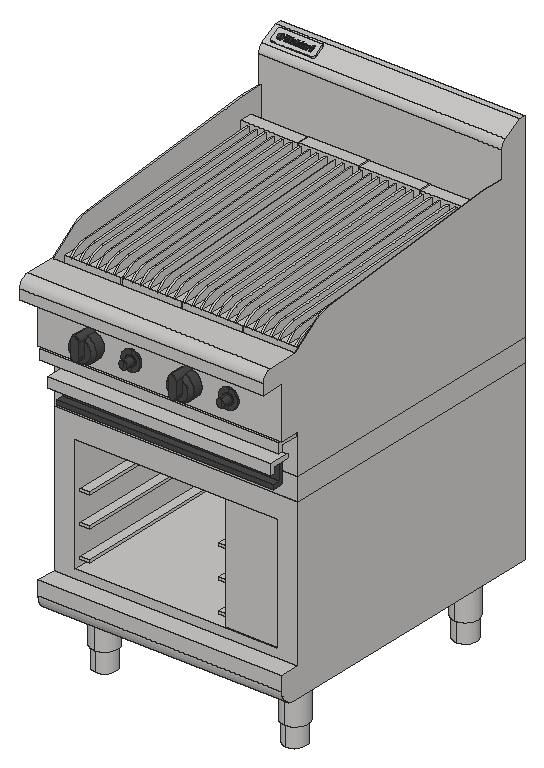
Revit family "QF_MOFFAT WALDORF_CH8600G-CB", category Specialty Equipment, Revit 2012
Parameters
  Weight in Pounds = 0
  URL Cutsheet = "www.moffat.com"
  URL = "www.moffat.com"
  Type Mark [instance] = ""
  Status [instance] = ""
  Specification by User [instance] = ""
  Specification by Manufacturer = ""
  Show Logo [instance] = yes
  Serial Number = ""
  Seismic Rating = ""
  SMACNA No = ""
  Revision Code [instance] = ""
  Omniclass Number and Title = ""
  NAFEM Spec ID Number = ""
  Model = "CH8600G-CB"
  Mechanical Remarks [instance] = ""
  Mechanical Connection Type [instance] = ""
  Masterspec = ""
  Manufacturer = "MOFFAT WALDORF"
  Legs [instance] = yes
  Item Number [instance] = ""
  Installed By [instance] = ""
  Identify Quantity as Lot [instance] = yes
  Gas Size = 3/4"
  Gas RI Height [instance] = 0 mm
  Gas KW [instance] = 18.3
  Gas Input [instance] = 62556.0 Btu/h
  Gas Connection Height = 0 mm
  Furnished By [instance] = ""
  Foodservice Equipment Identifier [instance] = yes
  Description = "CHARGRILL ON CABINET BASE"
  CSI MasterFormat = ""
  CSI Master Format = ""
  Body Finish = QF_Finishes_Stainless Steel
Reference planes
  plane 1 "BACK": y = 0
  plane 2: z = 0
  plane 3 "LEFT": x = 0
  plane 4 "RIGHT": x = 600
  plane 5 "FRONT": y = -805
  plane 6 "TOP": z = 1130
  plane 7 "Center Y": x = 300
  plane 8 "Center X": y = -402.5
Forms (mm)
  Extrusion 1, solid, material "QF_Finishes_Stainless Steel" <- "Body Finish"
    sketch origin (0, 0, 0) x (0, 1, 0) y (0, 0, 1)
      loop
        line (-805, 891) -> (-805, 866) -> (-749, 866) -> (-749, 740) -> (-699, 740) -> (-699, 640) -> (0, 640) -> (0, 1130) -> (-16.5, 1130) -> (-58.709, 1105.631)
        arc (-58.709, 1105.631) -> (-66.975, 1097.365) -> (-70, 1086.074) r 22.582
        line (-70, 1086.074) -> (-70, 875) -> (-705, 875) -> (-705, 915) -> (-781, 915)
        arc (-781, 915) -> (-797.971, 907.971) -> (-805, 891) r 24
      loop
        line (0, 585) -> (0, 639.206) -> (-699, 639.206) -> (-699, 585) -> (0, 585)
    from 0 to 600
  Extrusion 2, solid, material "QF_Finishes_Stainless Steel" <- "Body Finish"
    sketch origin (0, 0, 0) x (0, 1, 0) y (0, 0, 1)
      loop
        line (-121.455, 1019.2) -> (-600.057, 973.116)
        arc (-600.057, 973.116) -> (-620.977, 968.81) -> (-640.506, 960.159) r 100
        line (-640.506, 960.159) -> (-705, 915) -> (-705, 875) -> (-70, 875) -> (-70, 1019.2) -> (-121.455, 1019.2)
    from 0 to 4.5
  Extrusion 3, solid, material "QF_Finishes_Stainless Steel" <- "Body Finish"
    sketch origin (600, 0, 0) x (0, 1, 0) y (0, 0, -1)
      loop
        line (-121.455, -1019.2) -> (-70, -1019.2) -> (-70, -875) -> (-705, -875) -> (-705, -915) -> (-640.506, -960.159)
        arc (-640.506, -960.159) -> (-620.977, -968.81) -> (-600.057, -973.116) r 100
        line (-600.057, -973.116) -> (-121.455, -1019.2)
    from 0 to 3
  Revolve 4, solid, material "QF_Finishes_Black"
    sketch origin (138.112, 0, 0) x (0, 1, 0) y (0, 0, 1)
      loop
        line (-782, 829.5) -> (-793, 823.651) -> (-793, 797) -> (-749, 797) -> (-749, 802) -> (-759, 802) -> (-759, 829.5) -> (-782, 829.5)
      axis (-793, 797) -> (-749, 797)
    angle from 0 to 360
  Extrusion 5, solid, material "QF_Finishes_Black"
    sketch origin (0, 0, 0) x (1, 0, 0) y (0, 0, 1)
      loop
        line (148.3, 789) -> (148.3, 824)
        arc (148.3, 824) -> (138.3, 834) -> (128.3, 824) r 10
        line (128.3, 824) -> (128.3, 789)
        arc (128.3, 789) -> (138.3, 779) -> (148.3, 789) r 10
    from 759 to 808
  Revolve 6, solid, material "QF_Finishes_Black"
    sketch origin (378.544, 0, 0) x (0, 1, 0) y (0, 0, -1)
      loop
        line (-782, -829.5) -> (-759, -829.5) -> (-759, -802) -> (-749, -802) -> (-749, -797) -> (-793, -797) -> (-793, -823.651) -> (-782, -829.5)
      axis (-793, -797) -> (-749, -797)
    angle from 0 to 360
  Extrusion 7, solid, material "QF_Finishes_Black"
    sketch origin (516.656, 0, 0) x (-1, 0, 0) y (0, 0, -1)
      loop
        arc (148.3, -789) -> (138.3, -779) -> (128.3, -789) r 10
        line (128.3, -789) -> (128.3, -824)
        arc (128.3, -824) -> (138.3, -834) -> (148.3, -824) r 10
        line (148.3, -824) -> (148.3, -789)
    from 759 to 808
  Revolve 8, solid, material "QF_Finishes_Black"
    sketch origin (238.3, 0, 0) x (0, 1, 0) y (0, 0, 1)
      loop
        line (-759, 802) -> (-759, 821) -> (-761.705, 821) -> (-761.705, 809.85) -> (-762.85, 809.85) -> (-762.85, 806.825) -> (-784.88, 806.825) -> (-784.88, 797) -> (-749, 797) -> (-749, 802) -> (-759, 802)
      axis (-749, 797) -> (-784.88, 797)
    angle from 0 to 360
  Revolve 9, solid, material "QF_Finishes_Black"
    sketch origin (478.3, 0, 0) x (0, 1, 0) y (0, 0, 1)
      loop
        line (-759, 802) -> (-759, 821) -> (-761.705, 821) -> (-761.705, 809.85) -> (-762.85, 809.85) -> (-762.85, 806.825) -> (-784.88, 806.825) -> (-784.88, 797) -> (-749, 797) -> (-749, 802) -> (-759, 802)
      axis (-749, 797) -> (-784.88, 797)
    angle from 0 to 360
  Extrusion 10, solid, material "QF_Finishes_Stainless Steel"
    sketch origin (276, 0, 0) x (0, 1, 0) y (0, 0, 1)
      loop
        line (-132, 910.364) -> (-132, 962.849) -> (-630.852, 932.53)
        arc (-630.852, 932.53) -> (-656.098, 925.97) -> (-677, 910.364) r 67.81
        line (-677, 910.364) -> (-132, 910.364)
    from 0 to 4.5
  Extrusion 11, solid, material "QF_Finishes_Stainless Steel"
    sketch origin (255, 0, 0) x (0, 1, 0) y (0, 0, 1)
      loop
        line (-132, 910.364) -> (-132, 962.849) -> (-630.852, 932.53)
        arc (-630.852, 932.53) -> (-656.098, 925.97) -> (-677, 910.364) r 67.81
        line (-677, 910.364) -> (-132, 910.364)
    from 0 to 4.5
  Extrusion 12, solid, material "QF_Finishes_Stainless Steel"
    sketch origin (234, 0, 0) x (0, 1, 0) y (0, 0, 1)
      loop
        line (-132, 910.364) -> (-132, 962.849) -> (-630.852, 932.53)
        arc (-630.852, 932.53) -> (-656.098, 925.97) -> (-677, 910.364) r 67.81
        line (-677, 910.364) -> (-132, 910.364)
    from 0 to 4.5
  Extrusion 13, solid, material "QF_Finishes_Stainless Steel"
    sketch origin (213, 0, 0) x (0, 1, 0) y (0, 0, 1)
      loop
        line (-132, 910.364) -> (-132, 962.849) -> (-630.852, 932.53)
        arc (-630.852, 932.53) -> (-656.098, 925.97) -> (-677, 910.364) r 67.81
        line (-677, 910.364) -> (-132, 910.364)
    from 0 to 4.5
  Extrusion 14, solid, material "QF_Finishes_Stainless Steel"
    sketch origin (192, 0, 0) x (0, 1, 0) y (0, 0, 1)
      loop
        line (-132, 910.364) -> (-132, 962.849) -> (-630.852, 932.53)
        arc (-630.852, 932.53) -> (-656.098, 925.97) -> (-677, 910.364) r 67.81
        line (-677, 910.364) -> (-132, 910.364)
    from 0 to 4.5
  Extrusion 15, solid, material "QF_Finishes_Stainless Steel"
    sketch origin (171, 0, 0) x (0, 1, 0) y (0, 0, 1)
      loop
        line (-132, 910.364) -> (-132, 962.849) -> (-630.852, 932.53)
        arc (-630.852, 932.53) -> (-656.098, 925.97) -> (-677, 910.364) r 67.81
        line (-677, 910.364) -> (-132, 910.364)
    from 0 to 4.5
  Extrusion 16, solid, material "QF_Finishes_Stainless Steel"
    sketch origin (150, 0, 0) x (0, 1, 0) y (0, 0, 1)
      loop
        line (-132, 910.364) -> (-132, 962.849) -> (-630.852, 932.53)
        arc (-630.852, 932.53) -> (-656.098, 925.97) -> (-677, 910.364) r 67.81
        line (-677, 910.364) -> (-132, 910.364)
    from 0 to 4.5
  Extrusion 17, solid, material "QF_Finishes_Stainless Steel"
    sketch origin (126, 0, 0) x (0, 1, 0) y (0, 0, 1)
      loop
        line (-132, 910.364) -> (-132, 962.849) -> (-630.852, 932.53)
        arc (-630.852, 932.53) -> (-656.098, 925.97) -> (-677, 910.364) r 67.81
        line (-677, 910.364) -> (-132, 910.364)
    from 0 to 4.5
  Extrusion 18, solid, material "QF_Finishes_Stainless Steel"
    sketch origin (105, 0, 0) x (0, 1, 0) y (0, 0, 1)
      loop
        line (-132, 910.364) -> (-132, 962.849) -> (-630.852, 932.53)
        arc (-630.852, 932.53) -> (-656.098, 925.97) -> (-677, 910.364) r 67.81
        line (-677, 910.364) -> (-132, 910.364)
    from 0 to 4.5
  Extrusion 19, solid, material "QF_Finishes_Stainless Steel"
    sketch origin (84, 0, 0) x (0, 1, 0) y (0, 0, 1)
      loop
        line (-132, 910.364) -> (-132, 962.849) -> (-630.852, 932.53)
        arc (-630.852, 932.53) -> (-656.098, 925.97) -> (-677, 910.364) r 67.81
        line (-677, 910.364) -> (-132, 910.364)
    from 0 to 4.5
  Extrusion 20, solid, material "QF_Finishes_Stainless Steel"
    sketch origin (63, 0, 0) x (0, 1, 0) y (0, 0, 1)
      loop
        line (-132, 910.364) -> (-132, 962.849) -> (-630.852, 932.53)
        arc (-630.852, 932.53) -> (-656.098, 925.97) -> (-677, 910.364) r 67.81
        line (-677, 910.364) -> (-132, 910.364)
    from 0 to 4.5
  Extrusion 21, solid, material "QF_Finishes_Stainless Steel"
    sketch origin (42, 0, 0) x (0, 1, 0) y (0, 0, 1)
      loop
        line (-132, 910.364) -> (-132, 962.849) -> (-630.852, 932.53)
        arc (-630.852, 932.53) -> (-656.098, 925.97) -> (-677, 910.364) r 67.81
        line (-677, 910.364) -> (-132, 910.364)
    from 0 to 4.5
  Extrusion 22, solid, material "QF_Finishes_Stainless Steel"
    sketch origin (21, 0, 0) x (0, 1, 0) y (0, 0, 1)
      loop
        line (-132, 910.364) -> (-132, 962.849) -> (-630.852, 932.53)
        arc (-630.852, 932.53) -> (-656.098, 925.97) -> (-677, 910.364) r 67.81
        line (-677, 910.364) -> (-132, 910.364)
    from 0 to 4.5
  Extrusion 23, solid, material "QF_Finishes_Stainless Steel"
    sketch origin (426, 0, 0) x (0, 1, 0) y (0, 0, 1)
      loop
        line (-132, 910.364) -> (-132, 962.849) -> (-630.852, 932.53)
        arc (-630.852, 932.53) -> (-656.098, 925.97) -> (-677, 910.364) r 67.81
        line (-677, 910.364) -> (-132, 910.364)
    from 0 to 4.5
  Extrusion 24, solid, material "QF_Finishes_Stainless Steel"
    sketch origin (405, 0, 0) x (0, 1, 0) y (0, 0, 1)
      loop
        line (-132, 910.364) -> (-132, 962.849) -> (-630.852, 932.53)
        arc (-630.852, 932.53) -> (-656.098, 925.97) -> (-677, 910.364) r 67.81
        line (-677, 910.364) -> (-132, 910.364)
    from 0 to 4.5
  Extrusion 25, solid, material "QF_Finishes_Stainless Steel"
    sketch origin (384, 0, 0) x (0, 1, 0) y (0, 0, 1)
      loop
        line (-132, 910.364) -> (-132, 962.849) -> (-630.852, 932.53)
        arc (-630.852, 932.53) -> (-656.098, 925.97) -> (-677, 910.364) r 67.81
        line (-677, 910.364) -> (-132, 910.364)
    from 0 to 4.5
  Extrusion 26, solid, material "QF_Finishes_Stainless Steel"
    sketch origin (363, 0, 0) x (0, 1, 0) y (0, 0, 1)
      loop
        line (-132, 910.364) -> (-132, 962.849) -> (-630.852, 932.53)
        arc (-630.852, 932.53) -> (-656.098, 925.97) -> (-677, 910.364) r 67.81
        line (-677, 910.364) -> (-132, 910.364)
    from 0 to 4.5
  Extrusion 27, solid, material "QF_Finishes_Stainless Steel"
    sketch origin (342, 0, 0) x (0, 1, 0) y (0, 0, 1)
      loop
        line (-132, 910.364) -> (-132, 962.849) -> (-630.852, 932.53)
        arc (-630.852, 932.53) -> (-656.098, 925.97) -> (-677, 910.364) r 67.81
        line (-677, 910.364) -> (-132, 910.364)
    from 0 to 4.5
  Extrusion 28, solid, material "QF_Finishes_Stainless Steel"
    sketch origin (321, 0, 0) x (0, 1, 0) y (0, 0, 1)
      loop
        line (-132, 910.364) -> (-132, 962.849) -> (-630.852, 932.53)
        arc (-630.852, 932.53) -> (-656.098, 925.97) -> (-677, 910.364) r 67.81
        line (-677, 910.364) -> (-132, 910.364)
    from 0 to 4.5
  Extrusion 29, solid, material "QF_Finishes_Stainless Steel"
    sketch origin (300, 0, 0) x (0, 1, 0) y (0, 0, 1)
      loop
        line (-132, 910.364) -> (-132, 962.849) -> (-630.852, 932.53)
        arc (-630.852, 932.53) -> (-656.098, 925.97) -> (-677, 910.364) r 67.81
        line (-677, 910.364) -> (-132, 910.364)
    from 0 to 4.5
  Extrusion 30, solid, material "QF_Finishes_Stainless Steel"
    sketch origin (576, 0, 0) x (0, 1, 0) y (0, 0, 1)
      loop
        line (-132, 910.364) -> (-132, 962.849) -> (-630.852, 932.53)
        arc (-630.852, 932.53) -> (-656.098, 925.97) -> (-677, 910.364) r 67.81
        line (-677, 910.364) -> (-132, 910.364)
    from 0 to 4.5
  Extrusion 31, solid, material "QF_Finishes_Stainless Steel"
    sketch origin (555, 0, 0) x (0, 1, 0) y (0, 0, 1)
      loop
        line (-132, 910.364) -> (-132, 962.849) -> (-630.852, 932.53)
        arc (-630.852, 932.53) -> (-656.098, 925.97) -> (-677, 910.364) r 67.81
        line (-677, 910.364) -> (-132, 910.364)
    from 0 to 4.5
  Extrusion 32, solid, material "QF_Finishes_Stainless Steel"
    sketch origin (534, 0, 0) x (0, 1, 0) y (0, 0, 1)
      loop
        line (-132, 910.364) -> (-132, 962.849) -> (-630.852, 932.53)
        arc (-630.852, 932.53) -> (-656.098, 925.97) -> (-677, 910.364) r 67.81
        line (-677, 910.364) -> (-132, 910.364)
    from 0 to 4.5
  Extrusion 33, solid, material "QF_Finishes_Stainless Steel"
    sketch origin (513, 0, 0) x (0, 1, 0) y (0, 0, 1)
      loop
        line (-132, 910.364) -> (-132, 962.849) -> (-630.852, 932.53)
        arc (-630.852, 932.53) -> (-656.098, 925.97) -> (-677, 910.364) r 67.81
        line (-677, 910.364) -> (-132, 910.364)
    from 0 to 4.5
  Extrusion 34, solid, material "QF_Finishes_Stainless Steel"
    sketch origin (492, 0, 0) x (0, 1, 0) y (0, 0, 1)
      loop
        line (-132, 910.364) -> (-132, 962.849) -> (-630.852, 932.53)
        arc (-630.852, 932.53) -> (-656.098, 925.97) -> (-677, 910.364) r 67.81
        line (-677, 910.364) -> (-132, 910.364)
    from 0 to 4.5
  Extrusion 35, solid, material "QF_Finishes_Stainless Steel"
    sketch origin (471, 0, 0) x (0, 1, 0) y (0, 0, 1)
      loop
        line (-132, 910.364) -> (-132, 962.849) -> (-630.852, 932.53)
        arc (-630.852, 932.53) -> (-656.098, 925.97) -> (-677, 910.364) r 67.81
        line (-677, 910.364) -> (-132, 910.364)
    from 0 to 4.5
  Extrusion 36, solid, material "QF_Finishes_Stainless Steel"
    sketch origin (450, 0, 0) x (0, 1, 0) y (0, 0, 1)
      loop
        line (-132, 910.364) -> (-132, 962.849) -> (-630.852, 932.53)
        arc (-630.852, 932.53) -> (-656.098, 925.97) -> (-677, 910.364) r 67.81
        line (-677, 910.364) -> (-132, 910.364)
    from 0 to 4.5
  Extrusion 37, solid, material "QF_Finishes_Stainless Steel"
    sketch origin (0, 3, 0) x (1, 0, 0) y (0, 1, 0)
      loop
        circle (215, -35) r 13.5
    from 555 to 585
  Extrusion 38, solid, material "QF_Finishes_Black"
    sketch origin (1, 0, 0) x (0, 1, 0) y (0, 0, 1)
      loop
        line (-704, 671.797) -> (-704, 618.047) -> (-724, 618.047) -> (-724, 608.047) -> (-685.346, 608.047) -> (-685.346, 671.797) -> (-704, 671.797)
    from 24.12 to 559
  Extrusion 39, solid, material "QF_Finishes_Stainless Steel"
    sketch origin (0, 0, 0) x (0, 1, 0) y (0, 0, 1)
      loop
        line (-751.27, 711.219) -> (-741.27, 711.219) -> (-741.27, 726.219) -> (-699, 726.219) -> (-699, 736.219) -> (-751.27, 736.219) -> (-751.27, 711.219)
    from 5.013 to 595
  Extrusion 40, solid, material "QF_Finishes_Stainless Steel"
    sketch origin (0, 0, -54.422) x (0, 1, 0) y (0, 0, 1)
      loop
        line (-751.27, 711.219) -> (-741.27, 711.219) -> (-741.27, 726.219) -> (-685.346, 726.219) -> (-685.346, 736.219) -> (-751.27, 736.219) -> (-751.27, 711.219)
    from 25.12 to 575.007
  Extrusion 41, solid, material "QF_Finishes_Stainless Steel"
    sketch origin (0, 0, 0) x (0, 1, 0) y (0, 0, 1)
      loop
        line (-132, 910.364) -> (-677, 910.364) -> (-677, 875) -> (-102, 875) -> (-102, 970) -> (-132, 970) -> (-132, 910.364)
    from 4.5 to 147
  Extrusion 42, solid, material "QF_Finishes_Stainless Steel"
    sketch origin (145.5, 0, 0) x (0, 1, 0) y (0, 0, 1)
      loop
        line (-132, 910.364) -> (-677, 910.364) -> (-677, 875) -> (-102, 875) -> (-102, 970) -> (-132, 970) -> (-132, 910.364)
    from 4.5 to 151.5
  Extrusion 43, solid, material "QF_Finishes_Stainless Steel"
    sketch origin (295.5, 0, 0) x (0, 1, 0) y (0, 0, 1)
      loop
        line (-132, 910.364) -> (-677, 910.364) -> (-677, 875) -> (-102, 875) -> (-102, 970) -> (-132, 970) -> (-132, 910.364)
    from 4.5 to 151.5
  Extrusion 44, solid, material "QF_Finishes_Stainless Steel"
    sketch origin (445.5, 0, 0) x (0, 1, 0) y (0, 0, 1)
      loop
        line (-132, 910.364) -> (-677, 910.364) -> (-677, 875) -> (-102, 875) -> (-102, 970) -> (-132, 970) -> (-132, 910.364)
    from 4.5 to 151.5
  Extrusion 45, solid, material "QF_Finishes_Stainless Steel" <- "Body Finish"
    sketch origin (0, -70, 1085.255) x (0, 0, -1) y (1, 0, 0)
      loop
        line (555.255, 550) -> (555.255, 50) -> (842.755, 50) -> (842.755, 550) -> (555.255, 550)
      loop
        line (500.255, 0) -> (862.755, 0) -> (862.755, 600) -> (500.255, 600) -> (500.255, 0)
    from 0 to 629
  Extrusion 46, solid, material "QF_Finishes_Stainless Steel" <- "Body Finish"
    sketch origin (0, -679, 1085.255) x (0, 0, -1) y (1, 0, 0)
      loop
        line (555.255, 419.5) -> (842.755, 419.5) -> (842.755, 550) -> (555.255, 550) -> (555.255, 419.5)
    from 0 to 15
  Extrusion 47, solid, material "QF_Finishes_Stainless Steel"
    sketch origin (0, -70, 930.255) x (0, 0, -1) y (1, 0, 0)
      loop
        line (596.505, 419.19) -> (590.155, 419.19) -> (590.155, 394.19) -> (596.505, 394.19) -> (596.505, 419.19)
      loop
        line (671.505, 419.19) -> (665.155, 419.19) -> (665.155, 394.19) -> (671.505, 394.19) -> (671.505, 419.19)
      loop
        line (671.505, 50) -> (671.505, 75) -> (665.155, 75) -> (665.155, 50) -> (671.505, 50)
      loop
        line (590.155, 75) -> (590.155, 50) -> (596.505, 50) -> (596.505, 75) -> (590.155, 75)
      loop
        line (521.505, 419.19) -> (515.155, 419.19) -> (515.155, 394.19) -> (521.505, 394.19) -> (521.505, 419.19)
      loop
        line (515.155, 75) -> (515.155, 50) -> (521.505, 50) -> (521.505, 75) -> (515.155, 75)
    from 73 to 615
  Revolve 48, solid, material "QF_Finishes_Stainless Steel" <- "Body Finish", visible <- "Legs"
    sketch origin (65, -165, 0) x (0, 1, 0) y (0, 0, 1)
      loop
        line (33.25, 150) -> (33.25, 50) -> (37.5, 50) -> (37.5, 0) -> (65, 0) -> (65, 150) -> (33.25, 150)
      axis (65, 150) -> (65, 0)
    angle from 0 to 360
  Revolve 49, solid, material "QF_Finishes_Stainless Steel" <- "Body Finish", visible <- "Legs"
    sketch origin (65, -735, 0) x (0, 1, 0) y (0, 0, 1)
      loop
        line (78.25, 150) -> (78.25, 50) -> (82.5, 50) -> (82.5, 0) -> (110, 0) -> (110, 150) -> (78.25, 150)
      axis (110, 150) -> (110, 0)
    angle from 0 to 360
  Revolve 50, solid, material "QF_Finishes_Stainless Steel" <- "Body Finish", visible <- "Legs"
    sketch origin (534, -165, 0) x (0, 1, 0) y (0, 0, -1)
      loop
        line (33.25, -150) -> (65, -150) -> (65, 0) -> (37.5, 0) -> (37.5, -50) -> (33.25, -50) -> (33.25, -150)
      axis (65, -150) -> (65, 0)
    angle from 0 to 360
  Revolve 51, solid, material "QF_Finishes_Stainless Steel" <- "Body Finish", visible <- "Legs"
    sketch origin (534, -735, 0) x (0, 1, 0) y (0, 0, -1)
      loop
        line (78.25, -150) -> (110, -150) -> (110, 0) -> (82.5, 0) -> (82.5, -50) -> (78.25, -50) -> (78.25, -150)
      axis (110, -150) -> (110, 0)
    angle from 0 to 360
  Extrusion 52, solid, material "QF_Finishes_Stainless Steel" <- "Body Finish"
    sketch origin (0, 0, 0) x (0, 1, 0) y (0, 0, 1)
      loop
        line (-143, 222.5) -> (-749, 222.5) -> (-749, 188)
        arc (-749, 188) -> (-737.87, 161.13) -> (-711, 150) r 38
        line (-711, 150) -> (0, 150) -> (0, 585) -> (-143, 585) -> (-143, 222.5)
    from 0 to 600
  Extrusion 53, void
    sketch origin (0, 0, 223) x (1, 0, 0) y (0, 1, 0)
      loop
        line (150, 0) -> (150, -39) -> (198, -87) -> (280, -87) -> (280, 0) -> (150, 0)
    from 0 to 362
Cuts and joins
  joined: Revolve 4, Extrusion 5
  joined: Revolve 6, Extrusion 7
  joined: Extrusion 1, Extrusion 2, Extrusion 3
  Extrusion 53 cuts Extrusion 45
  Extrusion 53 cuts Extrusion 52
  joined: Extrusion 45, Extrusion 52
Lines and regions (mm)
  Split face 1
    outline origin (0, -16.5, 1130) x (0, -0.866025, -0.5) y (1, 0, 0)
      loop
        line (1.962, 129.583) -> (34.599, 129.583) -> (34.599, 149.583) -> (1.962, 149.583) -> (1.962, 129.583)
  Split face 2
    outline origin (0, -16.5, 1130) x (0, -0.866025, -0.5) y (1, 0, 0)
      loop
        line (34.599, 156.5) -> (34.599, 176.5) -> (1.962, 176.5) -> (1.962, 156.5) -> (34.599, 156.5)
  Split face 3
    outline origin (0, -16.5, 1130) x (0, -0.866025, -0.5) y (1, 0, 0)
      loop
        line (34.599, 203.5) -> (1.962, 203.5) -> (1.962, 183.5) -> (34.599, 183.5) -> (34.599, 203.5)
  Split face 4
    outline origin (0, -16.5, 1130) x (0, -0.866025, -0.5) y (1, 0, 0)
      loop
        line (34.599, 230.5) -> (1.962, 230.5) -> (1.962, 210.5) -> (34.599, 210.5) -> (34.599, 230.5)
  Split face 5
    outline origin (0, -16.5, 1130) x (0, -0.866025, -0.5) y (1, 0, 0)
      loop
        line (34.599, 257.5) -> (1.962, 257.5) -> (1.962, 237.5) -> (34.599, 237.5) -> (34.599, 257.5)
  Split face 6
    outline origin (0, -16.5, 1130) x (0, -0.866025, -0.5) y (1, 0, 0)
      loop
        line (34.599, 264.5) -> (34.599, 284.5) -> (1.962, 284.5) -> (1.962, 264.5) -> (34.599, 264.5)
  Split face 7
    outline origin (0, -16.5, 1130) x (0, -0.866025, -0.5) y (1, 0, 0)
      loop
        line (34.599, 311.5) -> (1.962, 311.5) -> (1.962, 291.5) -> (34.599, 291.5) -> (34.599, 311.5)
  Split face 8
    outline origin (0, -16.5, 1130) x (0, -0.866025, -0.5) y (1, 0, 0)
      loop
        line (1.962, 338.5) -> (1.962, 318.5) -> (34.599, 318.5) -> (34.599, 338.5) -> (1.962, 338.5)
  Split face 9
    outline origin (0, -16.5, 1130) x (0, -0.866025, -0.5) y (1, 0, 0)
      loop
        line (1.962, 345.5) -> (34.599, 345.5) -> (34.599, 365.5) -> (1.962, 365.5) -> (1.962, 345.5)
  Split face 10
    outline origin (0, -16.5, 1130) x (0, -0.866025, -0.5) y (1, 0, 0)
      loop
        line (34.599, 372.5) -> (34.599, 392.5) -> (1.962, 392.5) -> (1.962, 372.5) -> (34.599, 372.5)
  Split face 11
    outline origin (0, -16.5, 1130) x (0, -0.866025, -0.5) y (1, 0, 0)
      loop
        line (34.599, 399.5) -> (34.599, 419.5) -> (1.962, 419.5) -> (1.962, 399.5) -> (34.599, 399.5)
  Split face 12
    outline origin (0, -16.5, 1130) x (0, -0.866025, -0.5) y (1, 0, 0)
      loop
        line (34.599, 426.5) -> (34.599, 446.5) -> (1.962, 446.5) -> (1.962, 426.5) -> (34.599, 426.5)
  Split face 13
    outline origin (0, -16.5, 1130) x (0, -0.866025, -0.5) y (1, 0, 0)
      loop
        line (1.962, 453.5) -> (34.599, 453.5) -> (34.599, 473.5) -> (1.962, 473.5) -> (1.962, 453.5)
  Split face 14
    outline origin (600, -699, 740) x (-1, 0, 0) y (0, 0, -1)
      loop
        line (574.88, 98.75) -> (24.993, 98.75) -> (24.993, 1.25) -> (574.88, 1.25) -> (574.88, 98.75)
  symbolic lines
    curve 1: line (0, 0, 0) -> (0, -805, 0)
    curve 2: line (600, 0, 0) -> (0, 0, 0)
    curve 3: line (600, -805, 0) -> (600, 0, 0)
    curve 4: line (0, -70, 0) -> (600, -70, 0)
    curve 5: line (0, -805, 0) -> (600, -805, 0)
    curve 6: line (12.5, -51.234, 0) -> (12.5, -20.958, 0)
    curve 7: line (12.5, -20.958, 0) -> (121.5, -20.958, 0)
    curve 8: line (12.5, -51.234, 0) -> (121.5, -51.234, 0)
    curve 9: line (121.5, -20.958, 0) -> (121.5, -51.234, 0)
    curve 10: line (129.583, -22.262, 0) -> (129.583, -50.526, 0)
    curve 11: line (129.583, -50.526, 0) -> (149.583, -50.526, 0)
    curve 12: line (149.583, -50.526, 0) -> (149.583, -22.262, 0)
    curve 13: line (149.583, -22.262, 0) -> (129.583, -22.262, 0)
    curve 14: line (156.5, -22.262, 0) -> (156.5, -50.526, 0)
    curve 15: line (156.5, -50.526, 0) -> (176.5, -50.526, 0)
    curve 16: line (176.5, -50.526, 0) -> (176.5, -22.262, 0)
    curve 17: line (176.5, -22.262, 0) -> (156.5, -22.262, 0)
    curve 18: line (183.5, -22.262, 0) -> (183.5, -50.526, 0)
    curve 19: line (183.5, -50.526, 0) -> (203.5, -50.526, 0)
    curve 20: line (203.5, -50.526, 0) -> (203.5, -22.262, 0)
    curve 21: line (203.5, -22.262, 0) -> (183.5, -22.262, 0)
    curve 22: line (210.5, -22.262, 0) -> (210.5, -50.526, 0)
    curve 23: line (210.5, -50.526, 0) -> (230.5, -50.526, 0)
    curve 24: line (230.5, -50.526, 0) -> (230.5, -22.262, 0)
    curve 25: line (230.5, -22.262, 0) -> (210.5, -22.262, 0)
    curve 26: line (237.5, -22.262, 0) -> (237.5, -50.526, 0)
    curve 27: line (237.5, -50.526, 0) -> (257.5, -50.526, 0)
    curve 28: line (257.5, -50.526, 0) -> (257.5, -22.262, 0)
    curve 29: line (257.5, -22.262, 0) -> (237.5, -22.262, 0)
    curve 30: line (264.5, -22.262, 0) -> (264.5, -50.526, 0)
    curve 31: line (264.5, -50.526, 0) -> (284.5, -50.526, 0)
    curve 32: line (284.5, -50.526, 0) -> (284.5, -22.262, 0)
    curve 33: line (284.5, -22.262, 0) -> (264.5, -22.262, 0)
    curve 34: line (291.5, -22.262, 0) -> (291.5, -50.526, 0)
    curve 35: line (291.5, -50.526, 0) -> (311.5, -50.526, 0)
    curve 36: line (311.5, -50.526, 0) -> (311.5, -22.262, 0)
    curve 37: line (311.5, -22.262, 0) -> (291.5, -22.262, 0)
    curve 38: line (318.5, -22.262, 0) -> (318.5, -50.526, 0)
    curve 39: line (318.5, -50.526, 0) -> (338.5, -50.526, 0)
    curve 40: line (338.5, -50.526, 0) -> (338.5, -22.262, 0)
    curve 41: line (338.5, -22.262, 0) -> (318.5, -22.262, 0)
    curve 42: line (345.5, -22.262, 0) -> (345.5, -50.526, 0)
    curve 43: line (345.5, -50.526, 0) -> (365.5, -50.526, 0)
    curve 44: line (365.5, -50.526, 0) -> (365.5, -22.262, 0)
    curve 45: line (365.5, -22.262, 0) -> (345.5, -22.262, 0)
    curve 46: line (372.5, -22.262, 0) -> (372.5, -50.526, 0)
    curve 47: line (372.5, -50.526, 0) -> (392.5, -50.526, 0)
    curve 48: line (392.5, -50.526, 0) -> (392.5, -22.262, 0)
    curve 49: line (392.5, -22.262, 0) -> (372.5, -22.262, 0)
    curve 50: line (399.5, -22.262, 0) -> (399.5, -50.526, 0)
    curve 51: line (399.5, -50.526, 0) -> (419.5, -50.526, 0)
    curve 52: line (419.5, -50.526, 0) -> (419.5, -22.262, 0)
    curve 53: line (419.5, -22.262, 0) -> (399.5, -22.262, 0)
    curve 54: line (426.5, -22.262, 0) -> (426.5, -50.526, 0)
    curve 55: line (426.5, -50.526, 0) -> (446.5, -50.526, 0)
    curve 56: line (446.5, -50.526, 0) -> (446.5, -22.262, 0)
    curve 57: line (446.5, -22.262, 0) -> (426.5, -22.262, 0)
    curve 58: line (453.5, -22.262, 0) -> (453.5, -50.526, 0)
    curve 59: line (453.5, -50.526, 0) -> (473.5, -50.526, 0)
    curve 60: line (473.5, -50.526, 0) -> (473.5, -22.262, 0)
    curve 61: line (473.5, -22.262, 0) -> (453.5, -22.262, 0)
    curve 62: line (600, -705, 0) -> (0, -705, 0)
    curve 63: line (4.5, -705, 0) -> (4.5, -70, 0)
    curve 64: line (597, -70, 0) -> (597, -705, 0)
Dimensions and locks
  equal spacing: plane 3 "LEFT", plane 7 "Center Y", plane 4 "RIGHT"
  plane 3 "LEFT" to plane 4 "RIGHT" = 600 mm
  equal spacing: plane 5 "FRONT", plane 8 "Center X", plane 1 "BACK"
  plane 5 "FRONT" to plane 1 "BACK" = 805 mm  (x2)
  equal spacing: plane 4 "RIGHT", plane 7 "Center Y", plane 3 "LEFT"
  plane 4 "RIGHT" to plane 3 "LEFT" = 600 mm
  plane 6 "TOP" to level = 1130 mm
  cut or joined group of Extrusion 1, Extrusion 2, Extrusion 3 to level = 915 mm
  Extrusion 37 to level = 555 mm
  Extrusion 37 to plane 1 "BACK" = 32 mm
  cut or joined group of Extrusion 1, Extrusion 2, Extrusion 3 to plane 1 "BACK" = 70 mm
  locked: Extrusion 45 sketch curve to Extrusion 45 sketch curve at 55
  aligned and locked: level to plane 2
  aligned and locked: curve 3 to plane 4 "RIGHT"
  aligned and locked: Extrusion 38 to Extrusion 40
Automatic sketch dimensions
  plane 1 "BACK" to curve 1 = 0 mm
  curve 1 to plane 3 "LEFT" = 0 mm
  plane 5 "FRONT" to curve 1 = 0 mm
  plane 3 "LEFT" to curve 63 = 4.5 mm
  plane 3 "LEFT" to curve 8 = 12.5 mm
  plane 1 "BACK" to curve 7 = 20.958 mm
  curve 6 to curve 7 = 109 mm
  curve 8 to curve 10 = 8.083 mm
  curve 10 to curve 11 = 20 mm
  curve 11 to curve 15 = 6.917 mm
  curve 14 to curve 17 = 20 mm
  curve 15 to curve 19 = 7 mm
  curve 18 to curve 21 = 20 mm
  curve 20 to curve 25 = 7 mm
  curve 22 to curve 24 = 20 mm
  curve 23 to curve 27 = 7 mm
  curve 26 to curve 29 = 20 mm
  curve 27 to curve 31 = 7 mm
  curve 33 to plane 7 "Center Y" = 15.5 mm
  curve 31 to curve 35 = 7 mm
  plane 7 "Center Y" to curve 37 = 11.5 mm
  curve 36 to curve 41 = 7 mm
  curve 38 to curve 40 = 20 mm
  curve 39 to curve 43 = 7 mm
  curve 42 to curve 45 = 20 mm
  curve 43 to curve 47 = 7 mm
  curve 46 to curve 49 = 20 mm
  curve 48 to curve 53 = 7 mm
  curve 50 to curve 51 = 20 mm
  curve 51 to curve 55 = 7 mm
  curve 54 to curve 57 = 20 mm
  curve 56 to curve 61 = 7 mm
  curve 58 to curve 59 = 20 mm
  plane 4 "RIGHT" to curve 64 = 3 mm
  curve 63 to plane 5 "FRONT" = 100 mm
  curve 4 to curve 6 = 49.042 mm
  curve 63 to curve 6 = 18.766 mm
  plane 1 "BACK" to curve 59 = 50.526 mm
  curve 8 to curve 10 = 0.709 mm
  curve 56 to curve 58 = 0 mm  (x2)
  curve 11 to curve 14 = 0 mm
  curve 52 to curve 54 = 0 mm  (x2)
  curve 15 to curve 18 = 0 mm
  curve 48 to curve 50 = 0 mm  (x2)
  curve 19 to curve 22 = 0 mm
  curve 44 to curve 46 = 0 mm  (x2)
  curve 23 to curve 26 = 0 mm
  curve 40 to curve 42 = 0 mm  (x2)
  curve 27 to curve 30 = 0 mm
  curve 36 to curve 38 = 0 mm  (x2)
  plane 1 "BACK" to curve 33 = 22.262 mm
  plane 1 "BACK" to curve 36 = 22.262 mm
  plane 1 "BACK" to curve 29 = 22.262 mm
  plane 1 "BACK" to curve 25 = 22.262 mm
  plane 1 "BACK" to curve 21 = 22.262 mm
  plane 1 "BACK" to curve 17 = 22.262 mm
  curve 13 to curve 7 = 1.304 mm
  Extrusion 1 sketch curve to plane 5 "FRONT" = 0 mm
  Extrusion 1 sketch curve to plane 6 "TOP" = 0 mm
  Extrusion 1 sketch curve to plane 1 "BACK" = 0 mm  (x2)
  Extrusion 1 sketch curve to plane 5 "FRONT" = 24 mm
  Extrusion 1 sketch curve to Extrusion 1 sketch curve = 32 mm
  Extrusion 1 sketch curve to Extrusion 1 sketch curve = 44 mm
  Extrusion 1 sketch curve to plane 5 "FRONT" = 106 mm
  Extrusion 1 sketch curve to Extrusion 1 sketch curve = 0 mm
  plane 1 "BACK" to Extrusion 1 sketch curve = 70 mm
  Extrusion 1 sketch curve to plane 6 "TOP" = 24.369 mm
  Extrusion 1 sketch curve to Extrusion 1 sketch curve = 11.291 mm
  Extrusion 1 sketch curve to Extrusion 1 sketch curve = 22.582 mm
  plane 1 "BACK" to Extrusion 1 sketch curve = 16.5 mm
  Extrusion 1 sketch curve to plane 6 "TOP" = 215 mm
  Extrusion 1 sketch curve to Extrusion 1 sketch curve = 40 mm
  Extrusion 1 sketch curve to Extrusion 1 sketch curve = 25 mm
  Extrusion 1 sketch curve to Extrusion 1 sketch curve = 135 mm
  Extrusion 1 sketch curve to Extrusion 1 sketch curve = 235 mm
  Extrusion 1 sketch curve to Extrusion 1 sketch curve = 0.794 mm
  Extrusion 1 to Split face 1 sketch curve = 1.962 mm
  Split face 1 sketch curve to Extrusion 1 = 14.14 mm
  Split face 1 sketch curve to Extrusion 1 = 129.583 mm
  Split face 1 sketch curve to Split face 1 sketch curve = 20 mm
  Extrusion 1 to Split face 2 sketch curve = 1.962 mm
  Split face 2 sketch curve to Extrusion 1 = 14.14 mm
  Split face 2 sketch curve to Extrusion 1 = 156.5 mm
  Split face 2 sketch curve to Split face 2 sketch curve = 20 mm
  Extrusion 1 to Split face 3 sketch curve = 1.962 mm
  Split face 3 sketch curve to Extrusion 1 = 14.14 mm
  Split face 3 sketch curve to Extrusion 1 = 183.5 mm
  Split face 3 sketch curve to Split face 3 sketch curve = 20 mm
  Extrusion 1 to Split face 4 sketch curve = 1.962 mm
  Split face 4 sketch curve to Extrusion 1 = 14.14 mm
  Split face 4 sketch curve to Extrusion 1 = 210.5 mm
  Split face 4 sketch curve to Split face 4 sketch curve = 20 mm
  Extrusion 1 to Split face 5 sketch curve = 1.962 mm
  Split face 5 sketch curve to Extrusion 1 = 14.14 mm
  Split face 5 sketch curve to Extrusion 1 = 237.5 mm
  Split face 5 sketch curve to Split face 5 sketch curve = 20 mm
  Extrusion 1 to Split face 6 sketch curve = 1.962 mm
  Split face 6 sketch curve to Extrusion 1 = 14.14 mm
  Split face 6 sketch curve to Extrusion 1 = 264.5 mm
  Split face 6 sketch curve to Split face 6 sketch curve = 20 mm
  Extrusion 1 to Split face 7 sketch curve = 1.962 mm
  Split face 7 sketch curve to Extrusion 1 = 14.14 mm
  Split face 7 sketch curve to Extrusion 1 = 291.5 mm
  Split face 7 sketch curve to Split face 7 sketch curve = 20 mm
  Extrusion 1 to Split face 8 sketch curve = 1.962 mm
  Split face 8 sketch curve to Extrusion 1 = 14.14 mm
  Split face 8 sketch curve to Extrusion 1 = 281.5 mm
  Split face 8 sketch curve to Split face 8 sketch curve = 20 mm
  Extrusion 1 to Split face 9 sketch curve = 1.962 mm
  Split face 9 sketch curve to Extrusion 1 = 14.14 mm
  Split face 9 sketch curve to Extrusion 1 = 254.5 mm
  Split face 9 sketch curve to Split face 9 sketch curve = 20 mm
  Extrusion 1 to Split face 10 sketch curve = 1.962 mm
  Split face 10 sketch curve to Extrusion 1 = 14.14 mm
  Split face 10 sketch curve to Extrusion 1 = 227.5 mm
  Split face 10 sketch curve to Split face 10 sketch curve = 20 mm
  Extrusion 1 to Split face 11 sketch curve = 1.962 mm
  Split face 11 sketch curve to Extrusion 1 = 14.14 mm
  Split face 11 sketch curve to Extrusion 1 = 200.5 mm
  Split face 11 sketch curve to Split face 11 sketch curve = 20 mm
  Extrusion 1 to Split face 12 sketch curve = 1.962 mm
  Split face 12 sketch curve to Extrusion 1 = 14.14 mm
  Split face 12 sketch curve to Extrusion 1 = 173.5 mm
  Split face 12 sketch curve to Split face 12 sketch curve = 20 mm
  Extrusion 1 to Split face 13 sketch curve = 1.962 mm
  Split face 13 sketch curve to Extrusion 1 = 14.14 mm
  Split face 13 sketch curve to Extrusion 1 = 146.5 mm
  Split face 13 sketch curve to Split face 13 sketch curve = 20 mm
  Extrusion 2 sketch curve to plane 5 "FRONT" = 100 mm
  Extrusion 2 sketch curve to Extrusion 2 sketch curve = 64.494 mm
  Extrusion 2 sketch curve to Extrusion 2 sketch curve = 40.449 mm
  Extrusion 2 sketch curve to Extrusion 2 sketch curve = 9.585 mm
  plane 1 "BACK" to Extrusion 2 sketch curve = 121.455 mm
  Extrusion 2 sketch curve to Extrusion 2 sketch curve = 51.455 mm
  Extrusion 2 sketch curve to plane 6 "TOP" = 256.424 mm
  Extrusion 2 sketch curve to Extrusion 2 sketch curve = 1.424 mm
  Extrusion 2 sketch curve to Extrusion 2 sketch curve = 40 mm
  Extrusion 2 sketch curve to Extrusion 2 sketch curve = 45.159 mm
  Extrusion 2 sketch curve to plane 6 "TOP" = 110.8 mm
  Extrusion 3 sketch curve to plane 5 "FRONT" = 100 mm
  Extrusion 3 sketch curve to Extrusion 3 sketch curve = 64.494 mm
  Extrusion 3 sketch curve to Extrusion 3 sketch curve = 40.449 mm
  Extrusion 3 sketch curve to Extrusion 3 sketch curve = 9.585 mm
  plane 1 "BACK" to Extrusion 3 sketch curve = 121.455 mm
  Extrusion 3 sketch curve to Extrusion 3 sketch curve = 51.455 mm
  Extrusion 3 sketch curve to plane 6 "TOP" = 110.8 mm
  Extrusion 3 sketch curve to plane 6 "TOP" = 156.884 mm
  Extrusion 3 sketch curve to Extrusion 3 sketch curve = 12.957 mm
  Extrusion 3 sketch curve to Extrusion 3 sketch curve = 45.159 mm
  Extrusion 3 sketch curve to Extrusion 3 sketch curve = 40 mm
  Revolve 4 sketch curve to plane 5 "FRONT" = 12 mm
  Revolve 4 sketch curve to Revolve 4 sketch curve = 0 mm  (x2)
  Revolve 4 sketch curve to Revolve 4 sketch curve = 11 mm
  Revolve 4 sketch curve to Revolve 4 sketch curve = 12.7 mm
  Revolve 4 sketch curve to Revolve 4 sketch curve = 23 mm
  Revolve 4 sketch curve to Revolve 4 sketch curve = 10 mm
  Revolve 4 sketch curve to plane 6 "TOP" = 333 mm
  Revolve 4 sketch curve to Revolve 4 sketch curve = 5 mm
  Revolve 4 sketch curve to Revolve 4 sketch curve = 26.651 mm
  Revolve 4 sketch curve to Revolve 4 sketch curve = 5.849 mm
  plane 3 "LEFT" to Extrusion 5 sketch curve = 128.3 mm
  Extrusion 5 sketch curve to Extrusion 5 sketch curve = 10 mm
  Extrusion 5 sketch curve to plane 6 "TOP" = 341 mm
  Extrusion 5 sketch curve to Extrusion 5 sketch curve = 35 mm
  Revolve 6 sketch curve to plane 5 "FRONT" = 12 mm
  Revolve 6 sketch curve to Revolve 6 sketch curve = 0 mm  (x2)
  Revolve 6 sketch curve to Revolve 6 sketch curve = 11 mm
  Revolve 6 sketch curve to Revolve 6 sketch curve = 12.7 mm
  Revolve 6 sketch curve to Revolve 6 sketch curve = 23 mm
  Revolve 6 sketch curve to Revolve 6 sketch curve = 10 mm
  Revolve 6 sketch curve to plane 6 "TOP" = 300.5 mm
  Revolve 6 sketch curve to Revolve 6 sketch curve = 5.849 mm
  Revolve 6 sketch curve to Revolve 6 sketch curve = 27.5 mm
  Revolve 6 sketch curve to Revolve 6 sketch curve = 5 mm
  plane 7 "Center Y" to Extrusion 7 sketch curve = 88.356 mm
  Extrusion 7 sketch curve to Extrusion 7 sketch curve = 10 mm
  Extrusion 7 sketch curve to plane 6 "TOP" = 306 mm
  Extrusion 7 sketch curve to Extrusion 7 sketch curve = 35 mm
  Revolve 8 sketch curve to plane 5 "FRONT" = 20.12 mm
  Revolve 8 sketch curve to Revolve 8 sketch curve = 6.83 mm
  Revolve 8 sketch curve to Revolve 8 sketch curve = 15.2 mm
  Revolve 8 sketch curve to Revolve 8 sketch curve = 1.144 mm
  Revolve 8 sketch curve to Revolve 8 sketch curve = 3.85 mm
  Revolve 8 sketch curve to Revolve 8 sketch curve = 0 mm  (x2)
  Revolve 8 sketch curve to Revolve 8 sketch curve = 10 mm
  Revolve 8 sketch curve to plane 6 "TOP" = 333 mm
  Revolve 8 sketch curve to Revolve 8 sketch curve = 5 mm
  Revolve 8 sketch curve to Revolve 8 sketch curve = 4.825 mm
  Revolve 8 sketch curve to Revolve 8 sketch curve = 3.025 mm
  Revolve 8 sketch curve to Revolve 8 sketch curve = 11.15 mm
  Revolve 9 sketch curve to plane 5 "FRONT" = 20.12 mm
  Revolve 9 sketch curve to Revolve 9 sketch curve = 6.83 mm
  Revolve 9 sketch curve to Revolve 9 sketch curve = 15.2 mm
  Revolve 9 sketch curve to Revolve 9 sketch curve = 1.144 mm
  Revolve 9 sketch curve to Revolve 9 sketch curve = 3.85 mm
  Revolve 9 sketch curve to Revolve 9 sketch curve = 0 mm  (x2)
  Revolve 9 sketch curve to Revolve 9 sketch curve = 10 mm
  Revolve 9 sketch curve to plane 6 "TOP" = 333 mm
  Revolve 9 sketch curve to Revolve 9 sketch curve = 5 mm
  Revolve 9 sketch curve to Revolve 9 sketch curve = 4.825 mm
  Revolve 9 sketch curve to Revolve 9 sketch curve = 3.025 mm
  Revolve 9 sketch curve to Revolve 9 sketch curve = 11.15 mm
  Extrusion 10 sketch curve to plane 5 "FRONT" = 128 mm
  Extrusion 10 sketch curve to Extrusion 10 sketch curve = 46.148 mm
  Extrusion 10 sketch curve to Extrusion 10 sketch curve = 4.114 mm
  plane 1 "BACK" to Extrusion 10 sketch curve = 132 mm
  Extrusion 10 sketch curve to plane 6 "TOP" = 265.155 mm
  Extrusion 10 sketch curve to plane 6 "TOP" = 219.636 mm
  Extrusion 10 sketch curve to Extrusion 10 sketch curve = 52.486 mm
  Extrusion 11 sketch curve to plane 5 "FRONT" = 128 mm
  Extrusion 11 sketch curve to Extrusion 11 sketch curve = 46.148 mm
  Extrusion 11 sketch curve to Extrusion 11 sketch curve = 4.114 mm
  plane 1 "BACK" to Extrusion 11 sketch curve = 132 mm
  Extrusion 11 sketch curve to plane 6 "TOP" = 265.155 mm
  Extrusion 11 sketch curve to plane 6 "TOP" = 219.636 mm
  Extrusion 11 sketch curve to Extrusion 11 sketch curve = 52.486 mm
  Extrusion 12 sketch curve to plane 5 "FRONT" = 128 mm
  Extrusion 12 sketch curve to Extrusion 12 sketch curve = 46.148 mm
  Extrusion 12 sketch curve to Extrusion 12 sketch curve = 4.114 mm
  plane 1 "BACK" to Extrusion 12 sketch curve = 132 mm
  Extrusion 12 sketch curve to plane 6 "TOP" = 265.155 mm
  Extrusion 12 sketch curve to plane 6 "TOP" = 219.636 mm
  Extrusion 12 sketch curve to Extrusion 12 sketch curve = 52.486 mm
  Extrusion 13 sketch curve to plane 5 "FRONT" = 128 mm
  Extrusion 13 sketch curve to Extrusion 13 sketch curve = 46.148 mm
  Extrusion 13 sketch curve to Extrusion 13 sketch curve = 4.114 mm
  plane 1 "BACK" to Extrusion 13 sketch curve = 132 mm
  Extrusion 13 sketch curve to plane 6 "TOP" = 265.155 mm
  Extrusion 13 sketch curve to plane 6 "TOP" = 219.636 mm
  Extrusion 13 sketch curve to Extrusion 13 sketch curve = 52.486 mm
  Extrusion 14 sketch curve to plane 5 "FRONT" = 128 mm
  Extrusion 14 sketch curve to Extrusion 14 sketch curve = 46.148 mm
  Extrusion 14 sketch curve to Extrusion 14 sketch curve = 4.114 mm
  plane 1 "BACK" to Extrusion 14 sketch curve = 132 mm
  Extrusion 14 sketch curve to plane 6 "TOP" = 265.155 mm
  Extrusion 14 sketch curve to plane 6 "TOP" = 219.636 mm
  Extrusion 14 sketch curve to Extrusion 14 sketch curve = 52.486 mm
  Extrusion 15 sketch curve to plane 5 "FRONT" = 128 mm
  Extrusion 15 sketch curve to Extrusion 15 sketch curve = 46.148 mm
  Extrusion 15 sketch curve to Extrusion 15 sketch curve = 4.114 mm
  plane 1 "BACK" to Extrusion 15 sketch curve = 132 mm
  Extrusion 15 sketch curve to plane 6 "TOP" = 265.155 mm
  Extrusion 15 sketch curve to plane 6 "TOP" = 219.636 mm
  Extrusion 15 sketch curve to Extrusion 15 sketch curve = 52.486 mm
  Extrusion 16 sketch curve to plane 5 "FRONT" = 128 mm
  Extrusion 16 sketch curve to Extrusion 16 sketch curve = 46.148 mm
  Extrusion 16 sketch curve to Extrusion 16 sketch curve = 4.114 mm
  plane 1 "BACK" to Extrusion 16 sketch curve = 132 mm
  Extrusion 16 sketch curve to plane 6 "TOP" = 265.155 mm
  Extrusion 16 sketch curve to plane 6 "TOP" = 219.636 mm
  Extrusion 16 sketch curve to Extrusion 16 sketch curve = 52.486 mm
  Extrusion 17 sketch curve to plane 5 "FRONT" = 128 mm
  Extrusion 17 sketch curve to Extrusion 17 sketch curve = 46.148 mm
  Extrusion 17 sketch curve to Extrusion 17 sketch curve = 4.114 mm
  plane 1 "BACK" to Extrusion 17 sketch curve = 132 mm
  Extrusion 17 sketch curve to plane 6 "TOP" = 265.155 mm
  Extrusion 17 sketch curve to plane 6 "TOP" = 219.636 mm
  Extrusion 17 sketch curve to Extrusion 17 sketch curve = 52.486 mm
  Extrusion 18 sketch curve to plane 5 "FRONT" = 128 mm
  Extrusion 18 sketch curve to Extrusion 18 sketch curve = 46.148 mm
  Extrusion 18 sketch curve to Extrusion 18 sketch curve = 4.114 mm
  plane 1 "BACK" to Extrusion 18 sketch curve = 132 mm
  Extrusion 18 sketch curve to plane 6 "TOP" = 265.155 mm
  Extrusion 18 sketch curve to plane 6 "TOP" = 219.636 mm
  Extrusion 18 sketch curve to Extrusion 18 sketch curve = 52.486 mm
  Extrusion 19 sketch curve to plane 5 "FRONT" = 128 mm
  Extrusion 19 sketch curve to Extrusion 19 sketch curve = 46.148 mm
  Extrusion 19 sketch curve to Extrusion 19 sketch curve = 4.114 mm
  plane 1 "BACK" to Extrusion 19 sketch curve = 132 mm
  Extrusion 19 sketch curve to plane 6 "TOP" = 265.155 mm
  Extrusion 19 sketch curve to plane 6 "TOP" = 219.636 mm
  Extrusion 19 sketch curve to Extrusion 19 sketch curve = 52.486 mm
  Extrusion 20 sketch curve to plane 5 "FRONT" = 128 mm
  Extrusion 20 sketch curve to Extrusion 20 sketch curve = 46.148 mm
  Extrusion 20 sketch curve to Extrusion 20 sketch curve = 4.114 mm
  plane 1 "BACK" to Extrusion 20 sketch curve = 132 mm
  Extrusion 20 sketch curve to plane 6 "TOP" = 265.155 mm
  Extrusion 20 sketch curve to plane 6 "TOP" = 219.636 mm
  Extrusion 20 sketch curve to Extrusion 20 sketch curve = 52.486 mm
  Extrusion 21 sketch curve to plane 5 "FRONT" = 128 mm
  Extrusion 21 sketch curve to Extrusion 21 sketch curve = 46.148 mm
  Extrusion 21 sketch curve to Extrusion 21 sketch curve = 4.114 mm
  plane 1 "BACK" to Extrusion 21 sketch curve = 132 mm
  Extrusion 21 sketch curve to plane 6 "TOP" = 265.155 mm
  Extrusion 21 sketch curve to plane 6 "TOP" = 219.636 mm
  Extrusion 21 sketch curve to Extrusion 21 sketch curve = 52.486 mm
  Extrusion 22 sketch curve to plane 5 "FRONT" = 128 mm
  Extrusion 22 sketch curve to Extrusion 22 sketch curve = 46.148 mm
  Extrusion 22 sketch curve to Extrusion 22 sketch curve = 4.114 mm
  plane 1 "BACK" to Extrusion 22 sketch curve = 132 mm
  Extrusion 22 sketch curve to plane 6 "TOP" = 265.155 mm
  Extrusion 22 sketch curve to plane 6 "TOP" = 219.636 mm
  Extrusion 22 sketch curve to Extrusion 22 sketch curve = 52.486 mm
  Extrusion 23 sketch curve to plane 5 "FRONT" = 128 mm
  Extrusion 23 sketch curve to Extrusion 23 sketch curve = 46.148 mm
  Extrusion 23 sketch curve to Extrusion 23 sketch curve = 4.114 mm
  plane 1 "BACK" to Extrusion 23 sketch curve = 132 mm
  Extrusion 23 sketch curve to plane 6 "TOP" = 265.155 mm
  Extrusion 23 sketch curve to plane 6 "TOP" = 219.636 mm
  Extrusion 23 sketch curve to Extrusion 23 sketch curve = 52.486 mm
  Extrusion 24 sketch curve to plane 5 "FRONT" = 128 mm
  Extrusion 24 sketch curve to Extrusion 24 sketch curve = 46.148 mm
  Extrusion 24 sketch curve to Extrusion 24 sketch curve = 4.114 mm
  plane 1 "BACK" to Extrusion 24 sketch curve = 132 mm
  Extrusion 24 sketch curve to plane 6 "TOP" = 265.155 mm
  Extrusion 24 sketch curve to plane 6 "TOP" = 219.636 mm
  Extrusion 24 sketch curve to Extrusion 24 sketch curve = 52.486 mm
  Extrusion 25 sketch curve to plane 5 "FRONT" = 128 mm
  Extrusion 25 sketch curve to Extrusion 25 sketch curve = 46.148 mm
  Extrusion 25 sketch curve to Extrusion 25 sketch curve = 4.114 mm
  plane 1 "BACK" to Extrusion 25 sketch curve = 132 mm
  Extrusion 25 sketch curve to plane 6 "TOP" = 265.155 mm
  Extrusion 25 sketch curve to plane 6 "TOP" = 219.636 mm
  Extrusion 25 sketch curve to Extrusion 25 sketch curve = 52.486 mm
  Extrusion 26 sketch curve to plane 5 "FRONT" = 128 mm
  Extrusion 26 sketch curve to Extrusion 26 sketch curve = 46.148 mm
  Extrusion 26 sketch curve to Extrusion 26 sketch curve = 4.114 mm
  plane 1 "BACK" to Extrusion 26 sketch curve = 132 mm
  Extrusion 26 sketch curve to plane 6 "TOP" = 265.155 mm
  Extrusion 26 sketch curve to plane 6 "TOP" = 219.636 mm
  Extrusion 26 sketch curve to Extrusion 26 sketch curve = 52.486 mm
  Extrusion 27 sketch curve to plane 5 "FRONT" = 128 mm
  Extrusion 27 sketch curve to Extrusion 27 sketch curve = 46.148 mm
  Extrusion 27 sketch curve to Extrusion 27 sketch curve = 4.114 mm
  plane 1 "BACK" to Extrusion 27 sketch curve = 132 mm
  Extrusion 27 sketch curve to plane 6 "TOP" = 265.155 mm
  Extrusion 27 sketch curve to plane 6 "TOP" = 219.636 mm
  Extrusion 27 sketch curve to Extrusion 27 sketch curve = 52.486 mm
  Extrusion 28 sketch curve to plane 5 "FRONT" = 128 mm
  Extrusion 28 sketch curve to Extrusion 28 sketch curve = 46.148 mm
  Extrusion 28 sketch curve to Extrusion 28 sketch curve = 4.114 mm
  plane 1 "BACK" to Extrusion 28 sketch curve = 132 mm
  Extrusion 28 sketch curve to plane 6 "TOP" = 265.155 mm
  Extrusion 28 sketch curve to plane 6 "TOP" = 219.636 mm
  Extrusion 28 sketch curve to Extrusion 28 sketch curve = 52.486 mm
  Extrusion 29 sketch curve to plane 5 "FRONT" = 128 mm
  Extrusion 29 sketch curve to Extrusion 29 sketch curve = 46.148 mm
  Extrusion 29 sketch curve to Extrusion 29 sketch curve = 4.114 mm
  plane 1 "BACK" to Extrusion 29 sketch curve = 132 mm
  Extrusion 29 sketch curve to plane 6 "TOP" = 265.155 mm
  Extrusion 29 sketch curve to plane 6 "TOP" = 219.636 mm
  Extrusion 29 sketch curve to Extrusion 29 sketch curve = 52.486 mm
  Extrusion 30 sketch curve to plane 5 "FRONT" = 128 mm
  Extrusion 30 sketch curve to Extrusion 30 sketch curve = 46.148 mm
  Extrusion 30 sketch curve to Extrusion 30 sketch curve = 4.114 mm
  plane 1 "BACK" to Extrusion 30 sketch curve = 132 mm
  Extrusion 30 sketch curve to plane 6 "TOP" = 265.155 mm
  Extrusion 30 sketch curve to Extrusion 30 sketch curve = 45.518 mm
  Extrusion 30 sketch curve to Extrusion 30 sketch curve = 52.486 mm
  Extrusion 31 sketch curve to plane 5 "FRONT" = 128 mm
  Extrusion 31 sketch curve to Extrusion 31 sketch curve = 46.148 mm
  Extrusion 31 sketch curve to Extrusion 31 sketch curve = 4.114 mm
  plane 1 "BACK" to Extrusion 31 sketch curve = 132 mm
  Extrusion 31 sketch curve to plane 6 "TOP" = 265.155 mm
  Extrusion 31 sketch curve to plane 6 "TOP" = 219.636 mm
  Extrusion 31 sketch curve to Extrusion 31 sketch curve = 52.486 mm
  Extrusion 32 sketch curve to plane 5 "FRONT" = 128 mm
  Extrusion 32 sketch curve to Extrusion 32 sketch curve = 46.148 mm
  Extrusion 32 sketch curve to Extrusion 32 sketch curve = 4.114 mm
  plane 1 "BACK" to Extrusion 32 sketch curve = 132 mm
  Extrusion 32 sketch curve to plane 6 "TOP" = 265.155 mm
  Extrusion 32 sketch curve to plane 6 "TOP" = 219.636 mm
  Extrusion 32 sketch curve to Extrusion 32 sketch curve = 52.486 mm
  Extrusion 33 sketch curve to plane 5 "FRONT" = 128 mm
  Extrusion 33 sketch curve to Extrusion 33 sketch curve = 46.148 mm
  Extrusion 33 sketch curve to Extrusion 33 sketch curve = 4.114 mm
  plane 1 "BACK" to Extrusion 33 sketch curve = 132 mm
  Extrusion 33 sketch curve to plane 6 "TOP" = 265.155 mm
  Extrusion 33 sketch curve to plane 6 "TOP" = 219.636 mm
  Extrusion 33 sketch curve to Extrusion 33 sketch curve = 52.486 mm
  Extrusion 34 sketch curve to plane 5 "FRONT" = 128 mm
  Extrusion 34 sketch curve to Extrusion 34 sketch curve = 46.148 mm
  Extrusion 34 sketch curve to Extrusion 34 sketch curve = 4.114 mm
  plane 1 "BACK" to Extrusion 34 sketch curve = 132 mm
  Extrusion 34 sketch curve to plane 6 "TOP" = 265.155 mm
  Extrusion 34 sketch curve to plane 6 "TOP" = 219.636 mm
  Extrusion 34 sketch curve to Extrusion 34 sketch curve = 52.486 mm
  Extrusion 35 sketch curve to plane 5 "FRONT" = 128 mm
  Extrusion 35 sketch curve to Extrusion 35 sketch curve = 46.148 mm
  Extrusion 35 sketch curve to Extrusion 35 sketch curve = 4.114 mm
  plane 1 "BACK" to Extrusion 35 sketch curve = 132 mm
  Extrusion 35 sketch curve to plane 6 "TOP" = 265.155 mm
  Extrusion 35 sketch curve to plane 6 "TOP" = 219.636 mm
  Extrusion 35 sketch curve to Extrusion 35 sketch curve = 52.486 mm
  Extrusion 36 sketch curve to plane 5 "FRONT" = 128 mm
  Extrusion 36 sketch curve to Extrusion 36 sketch curve = 46.148 mm
  Extrusion 36 sketch curve to Extrusion 36 sketch curve = 4.114 mm
  plane 1 "BACK" to Extrusion 36 sketch curve = 132 mm
  Extrusion 36 sketch curve to plane 6 "TOP" = 265.155 mm
  Extrusion 36 sketch curve to plane 6 "TOP" = 219.636 mm
  Extrusion 36 sketch curve to Extrusion 36 sketch curve = 52.486 mm
  plane 1 "BACK" to Extrusion 37 sketch curve = 32 mm
  Extrusion 37 sketch curve to plane 7 "Center Y" = 85 mm
  Extrusion 38 sketch curve to plane 5 "FRONT" = 81 mm
  Extrusion 38 sketch curve to Extrusion 38 sketch curve = 20 mm
  Extrusion 38 sketch curve to Extrusion 38 sketch curve = 18.654 mm
  Extrusion 38 sketch curve to plane 6 "TOP" = 521.953 mm
  Extrusion 38 sketch curve to Extrusion 38 sketch curve = 10 mm
  Extrusion 38 sketch curve to Extrusion 38 sketch curve = 53.75 mm
  Extrusion 39 sketch curve to plane 5 "FRONT" = 53.73 mm
  Extrusion 39 sketch curve to Extrusion 39 sketch curve = 10 mm  (x2)
  Extrusion 39 sketch curve to Extrusion 39 sketch curve = 42.27 mm
  Extrusion 39 sketch curve to plane 6 "TOP" = 418.781 mm
  Extrusion 39 sketch curve to Extrusion 39 sketch curve = 15 mm
  Split face 14 sketch curve to cut or joined group of Extrusion 1, Extrusion 2, Extrusion 3 = 1.25 mm
  Split face 14 sketch curve to cut or joined group of Extrusion 1, Extrusion 2, Extrusion 3 = 24.993 mm
  cut or joined group of Extrusion 1, Extrusion 2, Extrusion 3 to Split face 14 sketch curve = 1.25 mm
  Split face 14 sketch curve to cut or joined group of Extrusion 1, Extrusion 2, Extrusion 3 = 25.12 mm
  Extrusion 40 sketch curve to plane 5 "FRONT" = 53.73 mm
  Extrusion 40 sketch curve to Extrusion 40 sketch curve = 10 mm  (x2)
  Extrusion 40 sketch curve to Extrusion 40 sketch curve = 55.924 mm
  Extrusion 40 sketch curve to plane 6 "TOP" = 473.203 mm
  Extrusion 40 sketch curve to Extrusion 40 sketch curve = 15 mm
  Extrusion 41 sketch curve to plane 5 "FRONT" = 128 mm
  plane 1 "BACK" to Extrusion 41 sketch curve = 132 mm
  Extrusion 41 sketch curve to Extrusion 41 sketch curve = 30 mm
  Extrusion 41 sketch curve to plane 6 "TOP" = 255 mm
  Extrusion 41 sketch curve to Extrusion 41 sketch curve = 35.364 mm
  Extrusion 41 sketch curve to Extrusion 41 sketch curve = 59.636 mm
  Extrusion 42 sketch curve to plane 5 "FRONT" = 128 mm
  plane 1 "BACK" to Extrusion 42 sketch curve = 132 mm
  Extrusion 42 sketch curve to Extrusion 42 sketch curve = 30 mm
  Extrusion 42 sketch curve to plane 6 "TOP" = 255 mm
  Extrusion 42 sketch curve to Extrusion 42 sketch curve = 35.364 mm
  Extrusion 42 sketch curve to Extrusion 42 sketch curve = 59.636 mm
  Extrusion 43 sketch curve to plane 5 "FRONT" = 128 mm
  plane 1 "BACK" to Extrusion 43 sketch curve = 132 mm
  Extrusion 43 sketch curve to Extrusion 43 sketch curve = 30 mm
  Extrusion 43 sketch curve to plane 6 "TOP" = 255 mm
  Extrusion 43 sketch curve to Extrusion 43 sketch curve = 35.364 mm
  Extrusion 43 sketch curve to Extrusion 43 sketch curve = 59.636 mm
  Extrusion 44 sketch curve to plane 5 "FRONT" = 128 mm
  plane 1 "BACK" to Extrusion 44 sketch curve = 132 mm
  Extrusion 44 sketch curve to Extrusion 44 sketch curve = 30 mm
  Extrusion 44 sketch curve to plane 6 "TOP" = 255 mm
  Extrusion 44 sketch curve to Extrusion 44 sketch curve = 35.364 mm
  Extrusion 44 sketch curve to Extrusion 44 sketch curve = 59.636 mm
  Extrusion 45 sketch curve to plane 3 "LEFT" = 0 mm
  plane 4 "RIGHT" to Extrusion 45 sketch curve = 0 mm
  Extrusion 45 sketch curve to plane 6 "TOP" = 545 mm
  plane 4 "RIGHT" to Extrusion 45 sketch curve = 50 mm
  level to Extrusion 45 sketch curve = 242.5 mm
  Extrusion 45 sketch curve to Extrusion 45 sketch curve = 20 mm
  plane 3 "LEFT" to Extrusion 45 sketch curve = 50 mm
  plane 4 "RIGHT" to Extrusion 46 sketch curve = 50 mm
  level to Extrusion 46 sketch curve = 530 mm
  plane 7 "Center Y" to Extrusion 46 sketch curve = 119.5 mm
  level to Extrusion 46 sketch curve = 242.5 mm
  plane 3 "LEFT" to Extrusion 47 sketch curve = 50 mm  (x3)
  level to Extrusion 47 sketch curve = 415.1 mm
  plane 7 "Center Y" to Extrusion 47 sketch curve = 119.19 mm
  Extrusion 47 sketch curve to Extrusion 47 sketch curve = 0 mm  (x2)
  Extrusion 47 sketch curve to Extrusion 47 sketch curve = 6.35 mm  (x6)
  Extrusion 47 sketch curve to Extrusion 47 sketch curve = 68.65 mm  (x4)
  Extrusion 47 sketch curve to Extrusion 47 sketch curve = 25 mm  (x7)
  Revolve 48 sketch curve to level = 0 mm
  level to Revolve 48 sketch curve = 50 mm
  plane 1 "BACK" to Revolve 48 sketch curve = 131.75 mm
  Revolve 48 sketch curve to Revolve 48 sketch curve = 4.25 mm
  Revolve 48 sketch curve to Revolve 48 sketch curve = 27.5 mm  (x2)
  Revolve 48 sketch curve to level = 55 mm
  Revolve 48 sketch curve to Revolve 48 sketch curve = 0 mm
